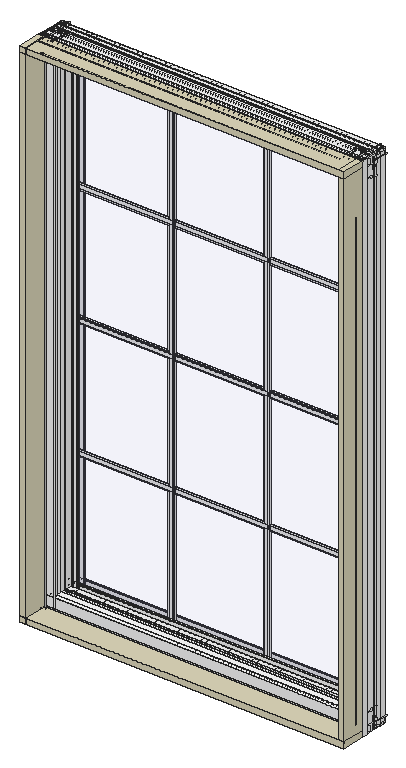
Revit family (continued)
Forms (in)
  Sweep 8, solid, material "Cladding-Pella-White" <- "Exterior Finish"
    profile origin (-17.19331, 2.95266, 61) x (0, -1, 0) y (1, 0, 0)
      loop
        line (0.37273, 0.46381) -> (0.219, 0.46381)
      loop
        line (0.926, 1.42381) -> (0.926, 1.34281) -> (0.8945, 1.34281) -> (0.8945, 0.84281) -> (0.926, 0.84281) -> (0.926, 0.78881)
        arc (0.926, 0.78881) -> (0.91282, 0.75699) -> (0.881, 0.74381) r 0.045
        line (0.881, 0.74381) -> (0.174, 0.74381)
        arc (0.174, 0.74381) -> (0.149, 0.71881) -> (0.174, 0.69381) r 0.025
        line (0.174, 0.69381) -> (0.38773, 0.69381)
        arc (0.38773, 0.69381) -> (0.40894, 0.68502) -> (0.41773, 0.66381) r 0.03
        line (0.41773, 0.66381) -> (0.41773, 0.55881)
        arc (0.41773, 0.55881) -> (0.40455, 0.52699) -> (0.37273, 0.51381) r 0.045
        line (0.37273, 0.51381) -> (0.32773, 0.51381) -> (0.32773, 0.59381) -> (0.18651, 0.54241) -> (0.124, 0.45314) -> (0.124, -0.25019)
        arc (0.124, -0.25019) -> (0.149, -0.27519) -> (0.174, -0.25019) r 0.025
        line (0.174, -0.25019) -> (0.174, -0.02019)
        arc (0.174, -0.02019) -> (0.17986, -0.00605) -> (0.194, -0.00019) r 0.02
        line (0.194, -0.00019) -> (0.886, -0.00019)
        arc (0.886, -0.00019) -> (0.90014, -0.00605) -> (0.906, -0.02019) r 0.02
        arc (0.906, -0.02019) -> (0.931, -0.04519) -> (0.956, -0.02019) r 0.025
        arc (0.956, -0.02019) -> (0.96186, -0.00605) -> (0.976, -0.00019) r 0.02
        line (0.976, -0.00019) -> (1.156, -0.00019)
        arc (1.156, -0.00019) -> (1.17014, -0.00605) -> (1.176, -0.02019) r 0.02
        arc (1.176, -0.02019) -> (1.201, -0.04519) -> (1.226, -0.02019) r 0.025
        line (1.226, -0.02019) -> (1.226, 1.38381)
        arc (1.226, 1.38381) -> (1.20843, 1.42623) -> (1.166, 1.44381) r 0.06
        line (1.166, 1.44381) -> (0.946, 1.44381)
        arc (0.946, 1.44381) -> (0.93186, 1.43795) -> (0.926, 1.42381) r 0.02
  Sweep 9, solid, material "Cladding-Pella-White" <- "Exterior Finish"
    path origin (0, 2.95266, 0) x (1, 0, 0) y (0, 0, 1)
      loop
        line (17.19331, 32.8065) -> (-17.19331, 32.8065)
    profile origin (0, 2.95266, 32.8065) x (0, 0, -1) y (0, -1, 0)
      loop
        arc (0.27719, 0.07976) -> (0.27134, 0.06562) -> (0.25719, 0.05976) r 0.02
        line (0.25719, 0.05976) -> (-0.56281, 0.05976)
        arc (-0.56281, 0.05976) -> (-0.58402, 0.06855) -> (-0.59281, 0.08976) r 0.03
        line (-0.59281, 0.08976) -> (-0.59281, 0.28849) -> (-0.54081, 0.28849)
        arc (-0.54081, 0.28849) -> (-0.54959, 0.3097) -> (-0.57081, 0.31849) r 0.03
        line (-0.57081, 0.31849) -> (-0.60281, 0.31849)
        arc (-0.60281, 0.31849) -> (-0.63109, 0.30677) -> (-0.64281, 0.27849) r 0.04
        line (-0.64281, 0.27849) -> (-0.64281, 0.0914)
        arc (-0.64281, 0.0914) -> (-0.65215, 0.06965) -> (-0.67437, 0.06144) r 0.03
        line (-0.67437, 0.06144) -> (-1.41128, 0.0805) -> (-1.41256, 0.12926)
        arc (-1.41256, 0.12926) -> (-1.42831, 0.14501) -> (-1.44406, 0.12926) r 0.01575
        line (-1.44406, 0.12926) -> (-1.44277, 0.07976)
        arc (-1.44277, 0.07976) -> (-1.43399, 0.05933) -> (-1.41355, 0.05055) r 0.03
        line (-1.41355, 0.05055) -> (-0.61004, 0.02976) -> (0.26219, 0.02976)
        arc (0.26219, 0.02976) -> (0.29401, 0.04294) -> (0.30719, 0.07476) r 0.045
        line (0.30719, 0.07476) -> (0.30719, 0.17976) -> (0.20219, 0.17976)
        arc (0.20219, 0.17976) -> (0.18644, 0.16401) -> (0.20219, 0.14826) r 0.01575
        line (0.20219, 0.14826) -> (0.27719, 0.14826) -> (0.27719, 0.07976)
  Sweep 10, solid, material "Cladding-Pella-White" <- "Exterior Finish"
    path origin (0, 2.95266, 0) x (1, 0, 0) y (0, 0, 1)
      loop
        line (17.19331, 89.1935) -> (-17.19331, 89.1935)
    profile origin (0, 2.95266, 89.1935) x (0, 0, -1) y (0, -1, 0)
      loop
        line (-0.27719, 0.07976) -> (-0.27719, 0.14826) -> (-0.20219, 0.14826)
        arc (-0.20219, 0.14826) -> (-0.18644, 0.16401) -> (-0.20219, 0.17976) r 0.01575
        line (-0.20219, 0.17976) -> (-0.30719, 0.17976) -> (-0.30719, 0.07476)
        arc (-0.30719, 0.07476) -> (-0.29401, 0.04294) -> (-0.26219, 0.02976) r 0.045
        line (-0.26219, 0.02976) -> (0.61004, 0.02976) -> (1.41355, 0.05055)
        arc (1.41355, 0.05055) -> (1.43399, 0.05933) -> (1.44277, 0.07976) r 0.03
        line (1.44277, 0.07976) -> (1.44406, 0.12926)
        arc (1.44406, 0.12926) -> (1.42831, 0.14501) -> (1.41256, 0.12926) r 0.01575
        line (1.41256, 0.12926) -> (1.41128, 0.0805) -> (0.67437, 0.06144)
        arc (0.67437, 0.06144) -> (0.65215, 0.06965) -> (0.64281, 0.0914) r 0.03
        line (0.64281, 0.0914) -> (0.64281, 0.27849)
        arc (0.64281, 0.27849) -> (0.63109, 0.30677) -> (0.60281, 0.31849) r 0.04
        line (0.60281, 0.31849) -> (0.57081, 0.31849)
        arc (0.57081, 0.31849) -> (0.54959, 0.3097) -> (0.54081, 0.28849) r 0.03
        line (0.54081, 0.28849) -> (0.59281, 0.28849) -> (0.59281, 0.08976)
        arc (0.59281, 0.08976) -> (0.58402, 0.06855) -> (0.56281, 0.05976) r 0.03
        line (0.56281, 0.05976) -> (-0.25719, 0.05976)
        arc (-0.25719, 0.05976) -> (-0.27134, 0.06562) -> (-0.27719, 0.07976) r 0.02
  Sweep 11, solid, material "Cladding-Pella-White" <- "Exterior Finish"
    path origin (0, 2.95266, 0) x (1, 0, 0) y (0, 0, 1)
      loop
        line (17.19331, 89.1935) -> (17.19331, 32.8065)
    profile origin (17.19331, 2.95266, 61) x (0, -1, 0) y (1, 0, 0)
      loop
        line (0.139, 0.27719) -> (0.2075, 0.27719) -> (0.2075, 0.20219)
        arc (0.2075, 0.20219) -> (0.22325, 0.18644) -> (0.239, 0.20219) r 0.01575
        line (0.239, 0.20219) -> (0.239, 0.30719) -> (0.134, 0.30719)
        arc (0.134, 0.30719) -> (0.10218, 0.29401) -> (0.089, 0.26219) r 0.045
        line (0.089, 0.26219) -> (0.089, -0.61004) -> (0.10979, -1.41355)
        arc (0.10979, -1.41355) -> (0.11857, -1.43399) -> (0.139, -1.44277) r 0.03
        line (0.139, -1.44277) -> (0.1885, -1.44406)
        arc (0.1885, -1.44406) -> (0.20426, -1.42831) -> (0.1885, -1.41256) r 0.01575
        line (0.1885, -1.41256) -> (0.13974, -1.41128) -> (0.12068, -0.67437)
        arc (0.12068, -0.67437) -> (0.12889, -0.65215) -> (0.15064, -0.64281) r 0.03
        line (0.15064, -0.64281) -> (0.33773, -0.64281)
        arc (0.33773, -0.64281) -> (0.36601, -0.63109) -> (0.37773, -0.60281) r 0.04
        line (0.37773, -0.60281) -> (0.37773, -0.57081)
        arc (0.37773, -0.57081) -> (0.36894, -0.54959) -> (0.34773, -0.54081) r 0.03
        line (0.34773, -0.54081) -> (0.34773, -0.59281) -> (0.149, -0.59281)
        arc (0.149, -0.59281) -> (0.12779, -0.58402) -> (0.119, -0.56281) r 0.03
        line (0.119, -0.56281) -> (0.119, 0.25719)
        arc (0.119, 0.25719) -> (0.12486, 0.27134) -> (0.139, 0.27719) r 0.02
  Sweep 12, solid, material "Cladding-Pella-White" <- "Exterior Finish"
    path origin (0, 2.95266, 0) x (1, 0, 0) y (0, 0, 1)
      loop
        line (-17.19331, 32.8065) -> (-17.19331, 89.1935)
    profile origin (-17.19331, 2.95266, 61) x (-1, 0, 0) y (0, -1, 0)
      loop
        arc (0.27719, 0.139) -> (0.27134, 0.12486) -> (0.25719, 0.119) r 0.02
        line (0.25719, 0.119) -> (-0.56281, 0.119)
        arc (-0.56281, 0.119) -> (-0.58402, 0.12779) -> (-0.59281, 0.149) r 0.03
        line (-0.59281, 0.149) -> (-0.59281, 0.34773) -> (-0.54081, 0.34773)
        arc (-0.54081, 0.34773) -> (-0.54959, 0.36894) -> (-0.57081, 0.37773) r 0.03
        line (-0.57081, 0.37773) -> (-0.60281, 0.37773)
        arc (-0.60281, 0.37773) -> (-0.63109, 0.36601) -> (-0.64281, 0.33773) r 0.04
        line (-0.64281, 0.33773) -> (-0.64281, 0.15064)
        arc (-0.64281, 0.15064) -> (-0.65215, 0.12889) -> (-0.67437, 0.12068) r 0.03
        line (-0.67437, 0.12068) -> (-1.41128, 0.13974) -> (-1.41256, 0.1885)
        arc (-1.41256, 0.1885) -> (-1.42831, 0.20426) -> (-1.44406, 0.1885) r 0.01575
        line (-1.44406, 0.1885) -> (-1.44277, 0.139)
        arc (-1.44277, 0.139) -> (-1.43399, 0.11857) -> (-1.41355, 0.10979) r 0.03
        line (-1.41355, 0.10979) -> (-0.61004, 0.089) -> (0.26219, 0.089)
        arc (0.26219, 0.089) -> (0.29401, 0.10218) -> (0.30719, 0.134) r 0.045
        line (0.30719, 0.134) -> (0.30719, 0.239) -> (0.20219, 0.239)
        arc (0.20219, 0.239) -> (0.18644, 0.22325) -> (0.20219, 0.2075) r 0.01575
        line (0.20219, 0.2075) -> (0.27719, 0.2075) -> (0.27719, 0.139)
  Sweep 13, solid, material "Wood-Pella-Interior-Factory Primed" <- "Interior Finish"
    path origin (0, 2.95266, 0) x (1, 0, 0) y (0, 0, 1)
      loop
        line (18.5, 90.5) -> (18.5, 31.5)
    profile origin (18.5, 2.95266, 61) x (0, -1, 0) y (1, 0, 0)
      loop
        line (3.25018, 0) -> (3.25018, -0.625) -> (5.90541, -0.625) -> (5.90541, 0) -> (3.25018, 0)
  Sweep 14, solid, material "Wood-Pella-Interior-Factory Primed" <- "Interior Finish"
    path origin (0, 2.95266, 0) x (1, 0, 0) y (0, 0, 1)
      loop
        line (-18.5, 90.5) -> (-18.5, 31.5)
    profile origin (-18.5, 2.95266, 61) x (0, -1, 0) y (1, 0, 0)
      loop
        line (3.25018, 0) -> (5.90541, 0) -> (5.90541, 0.625) -> (3.25018, 0.625) -> (3.25018, 0)
  Sweep 15, solid, material "Wood-Pella-Interior-Factory Primed" <- "Interior Finish"
    path origin (0, 2.95266, 0) x (1, 0, 0) y (0, 0, 1)
      loop
        line (18.5, 31.5) -> (-18.5, 31.5)
    profile origin (0, 2.95266, 31.5) x (0, 0, -1) y (0, -1, 0)
      loop
        line (0, 3.2499) -> (0, 5.90541) -> (-0.625, 5.90541) -> (-0.625, 3.2499) -> (0, 3.2499)
  Sweep 16, solid, material "Wood-Pella-Interior-Factory Primed" <- "Interior Finish"
    path origin (0, 2.95266, 0) x (1, 0, 0) y (0, 0, 1)
      loop
        line (18.5, 90.5) -> (-18.5, 90.5)
    profile origin (0, 2.95266, 90.5) x (0, 0, -1) y (0, -1, 0)
      loop
        line (0, 3.2499) -> (0.625, 3.2499) -> (0.625, 5.90541) -> (0, 5.90541) -> (0, 3.2499)
  Extrusion 17, solid, material "Glazing-Pella-Argon Filled, Low-E Insulating Glass" <- "Glazing Type"
    sketch origin (0, 2.74831, 0) x (0, 0, -1) y (1, 0, 0)
      loop
        line (-88.32519, 16.325) -> (-88.32519, -16.325) -> (-33.67481, -16.325) -> (-33.67481, 16.325) -> (-88.32519, 16.325)
    from 0 to 0.11811
  Extrusion 18, solid, material "Glazing-Pella-Argon Filled, Low-E Insulating Glass" <- "Glazing Type"
    sketch origin (0, 2.05815, 0) x (0, 0, -1) y (1, 0, 0)
      loop
        line (-33.67481, -16.325) -> (-33.67481, 16.325) -> (-88.32519, 16.325) -> (-88.32519, -16.325) -> (-33.67481, -16.325)
    from 0 to -0.11811
  Sweep 19, solid, material "Cladding-Pella-White" <- "Grille Finish", visible <- "Vertical Mullion 1"
    path origin (0, 2.95266, 0) x (1, 0, 0) y (0, 0, 1)
      loop
        line (0, 88.32519) -> (0, 33.67481)
    profile origin (0, 2.95266, 61) x (0, -1, 0) y (1, 0, 0)
      loop
        line (0.61832, -0.375) -> (0.63514, -0.21555) -> (0.66754, -0.19685) -> (0.66754, 0.19685) -> (0.63514, 0.21555) -> (0.61832, 0.375) -> (0.48053, 0.375) -> (0.46371, 0.21555) -> (0.43131, 0.19685) -> (0.43131, -0.19685) -> (0.46371, -0.21555) -> (0.48053, -0.375) -> (0.61832, -0.375)
  Sweep 20, solid, material "Cladding-Pella-White" <- "Grille Finish", visible <- "Vertical Mullion 2"
    path origin (0, 2.95266, 0) x (1, 0, 0) y (0, 0, 1)
      loop
        line (0, 33.67481) -> (0, 88.32519)
    profile origin (0, 2.95266, 61) x (-1, 0, 0) y (0, -1, 0)
      loop
        line (5.81667, 0.61832) -> (5.65722, 0.63514) -> (5.63852, 0.66754) -> (5.24482, 0.66754) -> (5.22612, 0.63514) -> (5.06667, 0.61832) -> (5.06667, 0.48053) -> (5.22612, 0.46371) -> (5.24482, 0.43131) -> (5.63852, 0.43131) -> (5.65722, 0.46371) -> (5.81667, 0.48053) -> (5.81667, 0.61832)
      loop
        line (-5.06667, 0.61832) -> (-5.22612, 0.63514) -> (-5.24482, 0.66754) -> (-5.63852, 0.66754) -> (-5.65722, 0.63514) -> (-5.81667, 0.61832) -> (-5.81667, 0.48053) -> (-5.65722, 0.46371) -> (-5.63852, 0.43131) -> (-5.24482, 0.43131) -> (-5.22612, 0.46371) -> (-5.06667, 0.48053) -> (-5.06667, 0.61832)
  Sweep 21, solid, material "Cladding-Pella-White" <- "Grille Finish", visible <- "Vertical Mullion 3"
    path origin (0, 2.95266, 0) x (1, 0, 0) y (0, 0, 1)
      loop
        line (0, 88.32519) -> (0, 33.67481)
    profile origin (0, 2.95266, 61) x (0, -1, 0) y (1, 0, 0)
      loop
        line (0.61832, -8.5375) -> (0.63514, -8.37805) -> (0.66754, -8.35935) -> (0.66754, -7.96565) -> (0.63514, -7.94695) -> (0.61832, -7.7875) -> (0.48053, -7.7875) -> (0.46371, -7.94695) -> (0.43131, -7.96565) -> (0.43131, -8.35935) -> (0.46371, -8.37805) -> (0.48053, -8.5375) -> (0.61832, -8.5375)
      loop
        line (0.61832, 7.7875) -> (0.63514, 7.94695) -> (0.66754, 7.96565) -> (0.66754, 8.35935) -> (0.63514, 8.37805) -> (0.61832, 8.5375) -> (0.48053, 8.5375) -> (0.46371, 8.37805) -> (0.43131, 8.35935) -> (0.43131, 7.96565) -> (0.46371, 7.94695) -> (0.48053, 7.7875) -> (0.61832, 7.7875)
      loop
        line (0.61832, -0.375) -> (0.63514, -0.21555) -> (0.66754, -0.19685) -> (0.66754, 0.19685) -> (0.63514, 0.21555) -> (0.61832, 0.375) -> (0.48053, 0.375) -> (0.46371, 0.21555) -> (0.43131, 0.19685) -> (0.43131, -0.19685) -> (0.46371, -0.21555) -> (0.48053, -0.375) -> (0.61832, -0.375)
  Sweep 22, solid, material "Cladding-Pella-White" <- "Grille Finish", visible <- "Vertical Mullion 4"
    path origin (0, 2.95266, 0) x (1, 0, 0) y (0, 0, 1)
      loop
        line (0, 33.67481) -> (0, 88.32519)
    profile origin (0, 2.95266, 61) x (-1, 0, 0) y (0, -1, 0)
      loop
        line (10.17, 0.61832) -> (10.01055, 0.63514) -> (9.99185, 0.66754) -> (9.59815, 0.66754) -> (9.57945, 0.63514) -> (9.42, 0.61832) -> (9.42, 0.48053) -> (9.57945, 0.46371) -> (9.59815, 0.43131) -> (9.99185, 0.43131) -> (10.01055, 0.46371) -> (10.17, 0.48053) -> (10.17, 0.61832)
      loop
        line (3.64, 0.61832) -> (3.48055, 0.63514) -> (3.46185, 0.66754) -> (3.06815, 0.66754) -> (3.04945, 0.63514) -> (2.89, 0.61832) -> (2.89, 0.48053) -> (3.04945, 0.46371) -> (3.06815, 0.43131) -> (3.46185, 0.43131) -> (3.48055, 0.46371) -> (3.64, 0.48053) -> (3.64, 0.61832)
      loop
        line (-2.89, 0.61832) -> (-3.04945, 0.63514) -> (-3.06815, 0.66754) -> (-3.46185, 0.66754) -> (-3.48055, 0.63514) -> (-3.64, 0.61832) -> (-3.64, 0.48053) -> (-3.48055, 0.46371) -> (-3.46185, 0.43131) -> (-3.06815, 0.43131) -> (-3.04945, 0.46371) -> (-2.89, 0.48053) -> (-2.89, 0.61832)
      loop
        line (-9.42, 0.61832) -> (-9.57945, 0.63514) -> (-9.59815, 0.66754) -> (-9.99185, 0.66754) -> (-10.01055, 0.63514) -> (-10.17, 0.61832) -> (-10.17, 0.48053) -> (-10.01055, 0.46371) -> (-9.99185, 0.43131) -> (-9.59815, 0.43131) -> (-9.57945, 0.46371) -> (-9.42, 0.48053) -> (-9.42, 0.61832)
  Sweep 23, solid, material "Cladding-Pella-White" <- "Grille Finish", visible <- "Horizontal Mullion 1"
    path origin (0, 2.95266, 0) x (1, 0, 0) y (0, 0, 1)
      loop
        line (16.325, 61) -> (-16.325, 61)
    profile origin (0, 2.95266, 61) x (0, 0, -1) y (0, -1, 0)
      loop
        line (0.375, 0.48053) -> (0.375, 0.61832) -> (0.21555, 0.63514) -> (0.19685, 0.66754) -> (-0.19685, 0.66754) -> (-0.21555, 0.63514) -> (-0.375, 0.61832) -> (-0.375, 0.48053) -> (-0.21555, 0.46371) -> (-0.19685, 0.43131) -> (0.19685, 0.43131) -> (0.21555, 0.46371) -> (0.375, 0.48053)
  Sweep 24, solid, material "Cladding-Pella-White" <- "Grille Finish", visible <- "Horizontal Mullion 2"
    path origin (0, 2.95266, 0) x (1, 0, 0) y (0, 0, 1)
      loop
        line (16.325, 61) -> (-16.325, 61)
    profile origin (0, 2.95266, 61) x (0, 0, -1) y (0, -1, 0)
      loop
        line (-8.7334, 0.48053) -> (-8.7334, 0.61832) -> (-8.89285, 0.63514) -> (-8.91155, 0.66754) -> (-9.30525, 0.66754) -> (-9.32395, 0.63514) -> (-9.4834, 0.61832) -> (-9.4834, 0.48053) -> (-9.32395, 0.46371) -> (-9.30525, 0.43131) -> (-8.91155, 0.43131) -> (-8.89285, 0.46371) -> (-8.7334, 0.48053)
      loop
        line (9.4834, 0.48053) -> (9.4834, 0.61832) -> (9.32395, 0.63514) -> (9.30525, 0.66754) -> (8.91155, 0.66754) -> (8.89285, 0.63514) -> (8.7334, 0.61832) -> (8.7334, 0.48053) -> (8.89285, 0.46371) -> (8.91155, 0.43131) -> (9.30525, 0.43131) -> (9.32395, 0.46371) -> (9.4834, 0.48053)
  Sweep 25, solid, material "Cladding-Pella-White" <- "Grille Finish", visible <- "Horizontal Mullion 3"
    path origin (0, 2.95266, 0) x (1, 0, 0) y (0, 0, 1)
      loop
        line (16.325, 61) -> (-16.325, 61)
    profile origin (0, 2.95266, 61) x (0, 0, -1) y (0, -1, 0)
      loop
        line (0.375, 0.48053) -> (0.375, 0.61832) -> (0.21555, 0.63514) -> (0.19685, 0.66754) -> (-0.19685, 0.66754) -> (-0.21555, 0.63514) -> (-0.375, 0.61832) -> (-0.375, 0.48053) -> (-0.21555, 0.46371) -> (-0.19685, 0.43131) -> (0.19685, 0.43131) -> (0.21555, 0.46371) -> (0.375, 0.48053)
      loop
        line (-13.2876, 0.48053) -> (-13.2876, 0.61832) -> (-13.44705, 0.63514) -> (-13.46575, 0.66754) -> (-13.85945, 0.66754) -> (-13.87815, 0.63514) -> (-14.0376, 0.61832) -> (-14.0376, 0.48053) -> (-13.87815, 0.46371) -> (-13.85945, 0.43131) -> (-13.46575, 0.43131) -> (-13.44705, 0.46371) -> (-13.2876, 0.48053)
      loop
        line (14.0376, 0.48053) -> (14.0376, 0.61832) -> (13.87815, 0.63514) -> (13.85945, 0.66754) -> (13.46575, 0.66754) -> (13.44705, 0.63514) -> (13.2876, 0.61832) -> (13.2876, 0.48053) -> (13.44705, 0.46371) -> (13.46575, 0.43131) -> (13.85945, 0.43131) -> (13.87815, 0.46371) -> (14.0376, 0.48053)
  Sweep 26, solid, material "Cladding-Pella-White" <- "Grille Finish", visible <- "Horizontal Mullion 4"
    path origin (0, 2.95266, 0) x (1, 0, 0) y (0, 0, 1)
      loop
        line (-16.325, 61) -> (16.325, 61)
    profile origin (0, 2.95266, 61) x (0, 0, 1) y (0, -1, 0)
      loop
        line (16.02012, 0.48053) -> (16.17956, 0.46371) -> (16.19827, 0.43131) -> (16.59197, 0.43131) -> (16.61067, 0.46371) -> (16.77012, 0.48053) -> (16.77012, 0.61832) -> (16.61067, 0.63514) -> (16.59197, 0.66754) -> (16.19827, 0.66754) -> (16.17956, 0.63514) -> (16.02012, 0.61832) -> (16.02012, 0.48053)
      loop
        line (5.09004, 0.48053) -> (5.24949, 0.46371) -> (5.26819, 0.43131) -> (5.66189, 0.43131) -> (5.68059, 0.46371) -> (5.84004, 0.48053) -> (5.84004, 0.61832) -> (5.68059, 0.63514) -> (5.66189, 0.66754) -> (5.26819, 0.66754) -> (5.24949, 0.63514) -> (5.09004, 0.61832) -> (5.09004, 0.48053)
      loop
        line (-5.84004, 0.48053) -> (-5.68059, 0.46371) -> (-5.66189, 0.43131) -> (-5.26819, 0.43131) -> (-5.24949, 0.46371) -> (-5.09004, 0.48053) -> (-5.09004, 0.61832) -> (-5.24949, 0.63514) -> (-5.26819, 0.66754) -> (-5.66189, 0.66754) -> (-5.68059, 0.63514) -> (-5.84004, 0.61832) -> (-5.84004, 0.48053)
      loop
        line (-16.77012, 0.48053) -> (-16.61067, 0.46371) -> (-16.59197, 0.43131) -> (-16.19827, 0.43131) -> (-16.17956, 0.46371) -> (-16.02012, 0.48053) -> (-16.02012, 0.61832) -> (-16.17956, 0.63514) -> (-16.19827, 0.66754) -> (-16.59197, 0.66754) -> (-16.61067, 0.63514) -> (-16.77012, 0.61832) -> (-16.77012, 0.48053)
  Sweep 27, solid, material "Cladding-Pella-White" <- "Grille Finish", visible <- "Prairie Grille"
    path origin (0, 2.95266, 0) x (1, 0, 0) y (0, 0, 1)
      loop
        line (0, 33.67481) -> (0, 88.32519)
    profile origin (0, 2.95266, 61) x (-1, 0, 0) y (0, -1, 0)
      loop
        line (13.20571, 0.61832) -> (13.04626, 0.63514) -> (13.02756, 0.66754) -> (12.63386, 0.66754) -> (12.61516, 0.63514) -> (12.45571, 0.61832) -> (12.45571, 0.48053) -> (12.61516, 0.46371) -> (12.63386, 0.43131) -> (13.02756, 0.43131) -> (13.04626, 0.46371) -> (13.20571, 0.48053) -> (13.20571, 0.61832)
      loop
        line (-12.45571, 0.61832) -> (-12.61516, 0.63514) -> (-12.63386, 0.66754) -> (-13.02756, 0.66754) -> (-13.04626, 0.63514) -> (-13.20571, 0.61832) -> (-13.20571, 0.48053) -> (-13.04626, 0.46371) -> (-13.02756, 0.43131) -> (-12.63386, 0.43131) -> (-12.61516, 0.46371) -> (-12.45571, 0.48053) -> (-12.45571, 0.61832)
  Sweep 28, solid, material "Cladding-Pella-White" <- "Grille Finish", visible <- "Prairie Grille"
    path origin (0, 2.95266, 0) x (1, 0, 0) y (0, 0, 1)
      loop
        line (16.325, 61) -> (-16.325, 61)
    profile origin (0, 2.95266, 61) x (0, 0, -1) y (0, -1, 0)
      loop
        line (-24.23154, 0.48053) -> (-24.07209, 0.46371) -> (-24.05339, 0.43131) -> (-23.65969, 0.43131) -> (-23.64099, 0.46371) -> (-23.48154, 0.48053) -> (-23.48154, 0.61832) -> (-23.64099, 0.63514) -> (-23.65969, 0.66754) -> (-24.05339, 0.66754) -> (-24.07209, 0.63514) -> (-24.23154, 0.61832) -> (-24.23154, 0.48053)
  Sweep 29, solid, material "Cladding-Pella-White" <- "Grille Finish", visible <- "Prairie Grille"
    path origin (0, 2.95266, 0) x (1, 0, 0) y (0, 0, 1)
      loop
        line (16.325, 61) -> (-16.325, 61)
    profile origin (0, 2.95266, 61) x (0, 0, -1) y (0, -1, 0)
      loop
        line (24.23154, 0.48053) -> (24.23154, 0.61832) -> (24.07209, 0.63514) -> (24.05339, 0.66754) -> (23.65969, 0.66754) -> (23.64099, 0.63514) -> (23.48154, 0.61832) -> (23.48154, 0.48053) -> (23.64099, 0.46371) -> (23.65969, 0.43131) -> (24.05339, 0.43131) -> (24.07209, 0.46371) -> (24.23154, 0.48053)
  Sweep 30, solid, material "Cladding-Pella-White" <- "Grille Finish", visible <- "Vertical Mullion 5"
    path origin (0, 2.95266, 0) x (1, 0, 0) y (0, 0, 1)
      loop
        line (0, 33.67481) -> (0, 88.32519)
    profile origin (0, 2.95266, 61) x (-1, 0, 0) y (0, -1, 0)
      loop
        line (11.25833, 0.61832) -> (11.09888, 0.63514) -> (11.08018, 0.66754) -> (10.68648, 0.66754) -> (10.66778, 0.63514) -> (10.50833, 0.61832) -> (10.50833, 0.48053) -> (10.66778, 0.46371) -> (10.68648, 0.43131) -> (11.08018, 0.43131) -> (11.09888, 0.46371) -> (11.25833, 0.48053) -> (11.25833, 0.61832)
      loop
        line (5.81667, 0.61832) -> (5.65722, 0.63514) -> (5.63852, 0.66754) -> (5.24482, 0.66754) -> (5.22612, 0.63514) -> (5.06667, 0.61832) -> (5.06667, 0.48053) -> (5.22612, 0.46371) -> (5.24482, 0.43131) -> (5.63852, 0.43131) -> (5.65722, 0.46371) -> (5.81667, 0.48053) -> (5.81667, 0.61832)
      loop
        line (0.375, 0.61832) -> (0.21555, 0.63514) -> (0.19685, 0.66754) -> (-0.19685, 0.66754) -> (-0.21555, 0.63514) -> (-0.375, 0.61832) -> (-0.375, 0.48053) -> (-0.21555, 0.46371) -> (-0.19685, 0.43131) -> (0.19685, 0.43131) -> (0.21555, 0.46371) -> (0.375, 0.48053) -> (0.375, 0.61832)
      loop
        line (-5.06667, 0.61832) -> (-5.22612, 0.63514) -> (-5.24482, 0.66754) -> (-5.63852, 0.66754) -> (-5.65722, 0.63514) -> (-5.81667, 0.61832) -> (-5.81667, 0.48053) -> (-5.65722, 0.46371) -> (-5.63852, 0.43131) -> (-5.24482, 0.43131) -> (-5.22612, 0.46371) -> (-5.06667, 0.48053) -> (-5.06667, 0.61832)
      loop
        line (-10.50833, 0.61832) -> (-10.66778, 0.63514) -> (-10.68648, 0.66754) -> (-11.08018, 0.66754) -> (-11.09888, 0.63514) -> (-11.25833, 0.61832) -> (-11.25833, 0.48053) -> (-11.09888, 0.46371) -> (-11.08018, 0.43131) -> (-10.68648, 0.43131) -> (-10.66778, 0.46371) -> (-10.50833, 0.48053) -> (-10.50833, 0.61832)
Lines and regions (in)
  Opening 1
    outline origin (137.79528, -2.95276, 0) x (1, 0, 0) y (0, 0, 1)
      loop
        line (-119.29528, 31.5) -> (-119.29528, 90.5) -> (-156.29528, 90.5) -> (-156.29528, 31.5) -> (-119.29528, 31.5)
Text (in)
  text "EXTERIOR" at (-77.29147, 52.45485, 0), in view "Ref. Level"
  text "INTERIOR" at (-78.01048, -32.21994, 0), in view "Ref. Level"
  text "Exterior" at (0, 36.36817, 115.8778), in view "Right"
  text "Exterior" at (0, 40.96394, 105.72475), in view "Left"
Dimensions and locks (in)
  equal spacing: plane 3 "Left", plane 2 "Center (Left/Right)", plane 4 "Right"
  "Width": plane 3 "Left" to plane 4 "Right"
  "Height": plane 5 "Sill" to plane 6 "Head"
  "Default Sill Height": plane 5 "Sill" to level
  locked: plane 7 "Exterior" to host wall at 0
  locked: plane 8 "Interior" to host wall
  "Set Back": plane 10 "Set Back" to plane 9 "Exterior Facade"
  equal spacing: plane 11 "Left Sash", plane 2 "Center (Left/Right)", plane 12 "Right Sash"
  "Sash Width": plane 11 "Left Sash" to plane 12 "Right Sash"
  locked: plane 7 "Exterior" to plane 9 "Exterior Facade" at 1.3125
  locked: plane 6 "Head" to plane 13 "Head (Interior)" at 1.3065
  locked: plane 14 "Sill (Interior)" to plane 5 "Sill" at 1.3065
  equal spacing: plane 28, plane 15, plane 29
  locked: plane 16 "Glazing Exterior - Exterior" to plane 17 "Glazing Exterior - Interior" at 0.11811
  locked: plane 19 "Glazing Interior - Interior" to plane 18 "Glazing Interior - Exterior" at 0.11811
  locked: plane 20 to plane 4 "Right" at 0.625
  locked: plane 21 to plane 10 "Set Back" at 3.25018
  locked: plane 3 "Left" to plane 22 at 0.625
  locked: plane 10 "Set Back" to plane 23 at 3.25018
  locked: plane 5 "Sill" to plane 24 at 0.625
  locked: plane 10 "Set Back" to plane 25 at 3.2499
  locked: plane 10 "Set Back" to plane 26 at 3.2499
  locked: plane 27 to plane 6 "Head" at 0.625
  plane 10 "Set Back" to plane 16 "Glazing Exterior - Exterior" to plane 18 "Glazing Interior - Exterior" = 0' - 0.20435", 0' - 0.69016" locked
  locked: plane 6 "Head" to plane 28 at 2.17481
  locked: plane 29 to plane 5 "Sill" at 2.17481
  locked: plane 3 "Left" to plane 30 at 2.175
  locked: plane 31 to plane 4 "Right" at 2.175
  plane 33 to plane 2 "Center (Left/Right)" to plane 32 = 0' - 0 3/8" locked, 0' - 0 3/8" locked
  equal spacing: plane 30, plane 34, plane 35, plane 31
  plane 37 to plane 34 to plane 36 = 0' - 0 3/8" locked, 0' - 0 3/8" locked
  plane 39 to plane 35 to plane 38 = 0' - 0 3/8" locked, 0' - 0 3/8" locked
  equal spacing: plane 30, plane 40, plane 41, plane 42, plane 31
  plane 44 to plane 40 to plane 43 = 0' - 0 3/8" locked, 0' - 0 3/8" locked
  plane 46 to plane 42 to plane 45 = 0' - 0 3/8" locked, 0' - 0 3/8" locked
  plane 48 to plane 41 to plane 47 = 0' - 0 3/8" locked, 0' - 0 3/8" locked
  equal spacing: plane 30, plane 49, plane 50, plane 51, plane 52, plane 31
  plane 56 to plane 50 to plane 55 = 0' - 0 3/8" locked, 0' - 0 3/8" locked
  plane 58 to plane 51 to plane 57 = 0' - 0 3/8" locked, 0' - 0 3/8" locked
  plane 60 to plane 52 to plane 59 = 0' - 0 3/8" locked, 0' - 0 3/8" locked
  plane 54 to plane 49 to plane 53 = 0' - 0 3/8" locked, 0' - 0 3/8" locked
  equal spacing: plane 30, plane 61, plane 62, plane 63, plane 64, plane 65, plane 31
  plane 67 to plane 15 to plane 66 = 0' - 0 3/8" locked, 0' - 0 3/8" locked
  equal spacing: plane 28, plane 69, plane 68, plane 29
  plane 71 to plane 69 to plane 70 = 0' - 0 3/8" locked, 0' - 0 3/8" locked
  plane 73 to plane 68 to plane 72 = 0' - 0 3/8" locked, 0' - 0 3/8" locked
  equal spacing: plane 28, plane 76, plane 75, plane 74, plane 29
  plane 80 to plane 76 to plane 79 = 0' - 0 3/8" locked, 0' - 0 3/8" locked
  plane 78 to plane 75 to plane 77 = 0' - 0 3/8" locked, 0' - 0 3/8" locked
  plane 82 to plane 74 to plane 81 = 0' - 0 3/8" locked, 0' - 0 3/8" locked
  equal spacing: plane 28, plane 86, plane 85, plane 84, plane 83, plane 29
  plane 94 to plane 83 to plane 93 = 0' - 0 3/8" locked, 0' - 0 3/8" locked
  plane 92 to plane 84 to plane 91 = 0' - 0 3/8" locked, 0' - 0 3/8" locked
  plane 90 to plane 85 to plane 89 = 0' - 0 3/8" locked, 0' - 0 3/8" locked
  plane 88 to plane 86 to plane 87 = 0' - 0 3/8" locked, 0' - 0 3/8" locked
  plane 3 "Left" to plane 96 to plane 95 = 0' - 5.29429" locked, 0' - 0 3/4" locked
  plane 98 to plane 97 to plane 4 "Right" = 0' - 0 3/4" locked, 0' - 5.29429" locked
  plane 13 "Head (Interior)" to plane 100 to plane 99 = 0' - 3.96196" locked, 0' - 0 3/4" locked
  plane 14 "Sill (Interior)" to plane 102 to plane 101 = 0' - 3.96196" locked, 0' - 0 3/4" locked
  plane 105 to plane 106 to plane 10 "Set Back" = 0' - 0.23622" locked, 0' - 0.43131" locked
  plane 107 to plane 108 to plane 10 "Set Back" = 0' - 0.23622" locked, 0' - 0.43131" locked
  plane 109 to plane 110 to plane 10 "Set Back" = 0' - 0.23622" locked, 0' - 0.43131" locked
  plane 111 to plane 112 to plane 10 "Set Back" = 0' - 0.23622" locked, 0' - 0.43131" locked
  plane 113 to plane 11 "Left Sash" to plane 114 to plane 115 to plane 116 to plane 117 to plane 118 to plane 119 to plane 120 to plane 121 to plane 122 = 0' - 0.00019" locked, 0' - 0.06981" locked, 0' - 0.394" locked, 0' - 0.05" locked, 0' - 0.18" locked, 0' - 0.05" locked, 0' - 0.099" locked, 0' - 0 1/2" locked, 0' - 0.031" locked, 0' - 0.07" locked
  plane 131 to plane 130 to plane 129 to plane 128 to plane 127 to plane 126 to plane 125 to plane 124 to plane 123 to plane 10 "Set Back" = 0' - 0.05" locked, 0' - 0.2" locked, 0' - 0.0815" locked, 0' - 0.42677" locked, 0' - 0.05" locked, 0' - 0.09" locked, 0' - 0.15373" locked, 0' - 0.05" locked, 0' - 0.124" locked
  plane 103 to plane 104 to plane 10 "Set Back" = 0' - 0.23622" locked, 0' - 0.43131" locked
  plane 141 to plane 61 to plane 140 = 0' - 0 3/8" locked, 0' - 0 3/8" locked
  plane 138 to plane 62 to plane 139 = 0' - 0 3/8" locked, 0' - 0 3/8" locked
  plane 137 to plane 63 to plane 136 = 0' - 0 3/8" locked, 0' - 0 3/8" locked
  plane 134 to plane 64 to plane 135 = 0' - 0 3/8" locked, 0' - 0 3/8" locked
  plane 132 to plane 65 to plane 133 = 0' - 0 3/8" locked, 0' - 0 3/8" locked
  plane 143 to plane 142 to plane 10 "Set Back" = 0' - 0.23622" locked, 0' - 0.43131" locked
  aligned and locked: plane 3 "Left" to Sweep 1 sketch curve
  aligned and locked: plane 4 "Right" to Sweep 2 sketch curve
  aligned and locked: plane 6 "Head" to Sweep 3 sketch curve
  aligned and locked: plane 5 "Sill" to Sweep 4 sketch curve
  aligned and locked: plane 14 "Sill (Interior)" to Sweep 5 sketch curve
  aligned and locked: plane 13 "Head (Interior)" to Sweep 6 sketch curve
  aligned and locked: Sweep 7 sketch curve to plane 12 "Right Sash"
  aligned and locked: Sweep 8 sketch curve to plane 11 "Left Sash"
  aligned and locked: plane 14 "Sill (Interior)" to Sweep 9 sketch curve
  aligned and locked: plane 13 "Head (Interior)" to Sweep 10 sketch curve
  aligned and locked: Sweep 11 sketch curve to plane 12 "Right Sash"
  aligned and locked: plane 11 "Left Sash" to Sweep 12 sketch curve
  aligned and locked: Sweep 13 sketch curve to plane 4 "Right"
  aligned and locked: plane 20 to Sweep 13 sketch curve
  aligned and locked: plane 8 "Interior" to Sweep 13 sketch curve
  aligned and locked: plane 21 to Sweep 13 sketch curve
  aligned and locked: Sweep 14 sketch curve to plane 3 "Left"
  aligned and locked: plane 22 to Sweep 14 sketch curve
  aligned and locked: plane 23 to Sweep 14 sketch curve
  aligned and locked: Sweep 14 sketch curve to plane 8 "Interior"
  aligned and locked: plane 5 "Sill" to Sweep 15 sketch curve
  aligned and locked: plane 25 to Sweep 15 sketch curve
  aligned and locked: plane 8 "Interior" to Sweep 15 sketch curve
  aligned and locked: Sweep 15 sketch curve to plane 24
  aligned and locked: plane 6 "Head" to Sweep 16 sketch curve
  aligned and locked: Sweep 16 sketch curve to plane 27
  aligned and locked: plane 26 to Sweep 16 sketch curve
  aligned and locked: Sweep 16 sketch curve to plane 8 "Interior"
  aligned and locked: plane 17 "Glazing Exterior - Interior" to Extrusion 17
  aligned and locked: Extrusion 18 to plane 19 "Glazing Interior - Interior"
  aligned and locked: plane 2 "Center (Left/Right)" to Sweep 19 sketch curve
  aligned and locked: plane 33 to Sweep 19 sketch curve
  aligned and locked: plane 32 to Sweep 19 sketch curve
  aligned and locked: plane 12 "Right Sash" to Sweep 5 sketch curve
  aligned and locked: plane 11 "Left Sash" to Sweep 5 sketch curve
  aligned and locked: plane 12 "Right Sash" to Sweep 6 sketch curve
  aligned and locked: plane 11 "Left Sash" to Sweep 6 sketch curve
  aligned and locked: Sweep 20 sketch curve to plane 2 "Center (Left/Right)"
  aligned and locked: plane 37 to Sweep 20 sketch curve
  aligned and locked: plane 36 to Sweep 20 sketch curve
  aligned and locked: plane 39 to Sweep 20 sketch curve
  aligned and locked: plane 38 to Sweep 20 sketch curve
  aligned and locked: Sweep 21 sketch curve to plane 41
  aligned and locked: plane 44 to Sweep 21 sketch curve
  aligned and locked: plane 43 to Sweep 21 sketch curve
  aligned and locked: plane 46 to Sweep 21 sketch curve
  aligned and locked: plane 45 to Sweep 21 sketch curve
  aligned and locked: plane 48 to Sweep 21 sketch curve
  aligned and locked: plane 47 to Sweep 21 sketch curve
  aligned and locked: Sweep 22 sketch curve to plane 2 "Center (Left/Right)"
  aligned and locked: plane 54 to Sweep 22 sketch curve
  aligned and locked: plane 53 to Sweep 22 sketch curve
  aligned and locked: plane 56 to Sweep 22 sketch curve
  aligned and locked: plane 55 to Sweep 22 sketch curve
  aligned and locked: plane 58 to Sweep 22 sketch curve
  aligned and locked: plane 57 to Sweep 22 sketch curve
  aligned and locked: plane 60 to Sweep 22 sketch curve
  aligned and locked: plane 59 to Sweep 22 sketch curve
  aligned and locked: Sweep 23 sketch curve to plane 15
  aligned and locked: plane 67 to Sweep 23 sketch curve
  aligned and locked: plane 66 to Sweep 23 sketch curve
  aligned and locked: Sweep 24 sketch curve to plane 15
  aligned and locked: plane 71 to Sweep 24 sketch curve
  aligned and locked: plane 70 to Sweep 24 sketch curve
  aligned and locked: plane 73 to Sweep 24 sketch curve
  aligned and locked: plane 72 to Sweep 24 sketch curve
  aligned and locked: Sweep 25 sketch curve to plane 15
  aligned and locked: plane 78 to Sweep 25 sketch curve
  aligned and locked: plane 77 to Sweep 25 sketch curve
  aligned and locked: plane 80 to Sweep 25 sketch curve
  aligned and locked: plane 79 to Sweep 25 sketch curve
  aligned and locked: plane 82 to Sweep 25 sketch curve
  aligned and locked: plane 81 to Sweep 25 sketch curve
  aligned and locked: Sweep 26 sketch curve to plane 15
  aligned and locked: plane 88 to Sweep 26 sketch curve
  aligned and locked: plane 87 to Sweep 26 sketch curve
  aligned and locked: plane 90 to Sweep 26 sketch curve
  aligned and locked: plane 89 to Sweep 26 sketch curve
  aligned and locked: plane 92 to Sweep 26 sketch curve
  aligned and locked: plane 91 to Sweep 26 sketch curve
  aligned and locked: plane 94 to Sweep 26 sketch curve
  aligned and locked: plane 93 to Sweep 26 sketch curve
  aligned and locked: Sweep 27 sketch curve to plane 2 "Center (Left/Right)"
  aligned and locked: plane 96 to Sweep 27 sketch curve
  aligned and locked: plane 95 to Sweep 27 sketch curve
  aligned and locked: plane 98 to Sweep 27 sketch curve
  aligned and locked: plane 97 to Sweep 27 sketch curve
  aligned and locked: Sweep 28 sketch curve to plane 15
  aligned and locked: Sweep 28 sketch curve to plane 100
  aligned and locked: Sweep 28 sketch curve to plane 99
  aligned and locked: plane 102 to Sweep 29 sketch curve
  aligned and locked: plane 101 to Sweep 29 sketch curve
  aligned and locked: Sweep 27 sketch curve to plane 104
  aligned and locked: Sweep 27 sketch curve to plane 103
  aligned and locked: plane 105 to Sweep 22 sketch curve
  aligned and locked: plane 106 to Sweep 22 sketch curve
  aligned and locked: Sweep 22 sketch curve to plane 106  (x3)
  aligned and locked: Sweep 22 sketch curve to plane 105  (x3)
  aligned and locked: Sweep 21 sketch curve to plane 108  (x2)
  aligned and locked: Sweep 21 sketch curve to plane 107  (x2)
  aligned and locked: plane 112 to Sweep 20 sketch curve
  aligned and locked: plane 111 to Sweep 20 sketch curve
  aligned and locked: Sweep 20 sketch curve to plane 112
  aligned and locked: Sweep 20 sketch curve to plane 111
  aligned and locked: plane 122 to Sweep 8 sketch curve
  aligned and locked: plane 121 to Sweep 8 sketch curve
  aligned and locked: plane 120 to Sweep 8 sketch curve
  aligned and locked: plane 119 to Sweep 8 sketch curve
  aligned and locked: plane 118 to Sweep 8 sketch curve
  aligned and locked: plane 117 to Sweep 8 sketch curve
  aligned and locked: Sweep 8 sketch curve to plane 117
  aligned and locked: plane 116 to Sweep 8 sketch curve
  aligned and locked: plane 115 to Sweep 8 sketch curve
  aligned and locked: plane 114 to Sweep 8 sketch curve
  aligned and locked: plane 113 to Sweep 8 sketch curve
  aligned and locked: Sweep 8 sketch curve to plane 113
  aligned and locked: plane 131 to Sweep 8 sketch curve
  aligned and locked: plane 130 to Sweep 8 sketch curve
  aligned and locked: plane 129 to Sweep 8 sketch curve
  aligned and locked: plane 128 to Sweep 8 sketch curve
  aligned and locked: plane 123 to Sweep 8 sketch curve
  aligned and locked: plane 124 to Sweep 8 sketch curve
  aligned and locked: Sweep 8 sketch curve to plane 124
  aligned and locked: plane 125 to Sweep 8 sketch curve
  aligned and locked: plane 126 to Sweep 8 sketch curve
  aligned and locked: plane 127 to Sweep 8 sketch curve
  aligned and locked: plane 30 to Extrusion 18 sketch curve
  aligned and locked: Extrusion 18 sketch curve to plane 28
  aligned and locked: Extrusion 18 sketch curve to plane 31
  aligned and locked: plane 29 to Extrusion 18 sketch curve
  aligned and locked: plane 30 to Extrusion 17 sketch curve
  aligned and locked: Extrusion 17 sketch curve to plane 31
  aligned and locked: Extrusion 17 sketch curve to plane 28
  aligned and locked: plane 29 to Extrusion 17 sketch curve
  aligned and locked: plane 2 "Center (Left/Right)" to Sweep 30 sketch curve
  aligned and locked: plane 142 to Sweep 30 sketch curve
  aligned and locked: plane 143 to Sweep 30 sketch curve
  aligned and locked: Sweep 30 sketch curve to plane 142  (x4)
  aligned and locked: Sweep 30 sketch curve to plane 143  (x4)
  aligned and locked: plane 133 to Sweep 30 sketch curve
  aligned and locked: plane 132 to Sweep 30 sketch curve
  aligned and locked: plane 135 to Sweep 30 sketch curve
  aligned and locked: plane 134 to Sweep 30 sketch curve
  aligned and locked: plane 136 to Sweep 30 sketch curve
  aligned and locked: plane 137 to Sweep 30 sketch curve
  aligned and locked: plane 139 to Sweep 30 sketch curve
  aligned and locked: plane 138 to Sweep 30 sketch curve
  aligned and locked: plane 140 to Sweep 30 sketch curve
  aligned and locked: plane 141 to Sweep 30 sketch curve
  aligned and locked: Sweep 27 to plane 28
  aligned and locked: Sweep 30 to plane 28
  aligned and locked: Sweep 22 to plane 28
  aligned and locked: Sweep 20 to plane 28
  aligned and locked: plane 28 to Sweep 21
  aligned and locked: plane 28 to Sweep 19
  aligned and locked: plane 30 to Sweep 29
  aligned and locked: Sweep 26 to plane 30
  aligned and locked: plane 30 to Sweep 25
  aligned and locked: plane 30 to Sweep 24
  aligned and locked: plane 30 to Sweep 23
  aligned and locked: plane 30 to Sweep 28
  aligned and locked: plane 4 "Right" to Sweep 16
  aligned and locked: plane 4 "Right" to Sweep 3
  aligned and locked: plane 12 "Right Sash" to Sweep 6
  aligned and locked: plane 12 "Right Sash" to Sweep 10
  aligned and locked: plane 4 "Right" to Sweep 15
  aligned and locked: plane 4 "Right" to Sweep 4
  aligned and locked: plane 12 "Right Sash" to Sweep 5
  aligned and locked: plane 12 "Right Sash" to Sweep 9
  aligned and locked: plane 6 "Head" to Sweep 14
  aligned and locked: Sweep 1 to plane 6 "Head"
  aligned and locked: Sweep 12 to plane 13 "Head (Interior)"
  aligned and locked: plane 13 "Head (Interior)" to Sweep 8
  aligned and locked: plane 6 "Head" to Sweep 13
  aligned and locked: Sweep 2 to plane 6 "Head"
  aligned and locked: plane 13 "Head (Interior)" to Sweep 7
  aligned and locked: plane 13 "Head (Interior)" to Sweep 11
  aligned and locked: plane 14 "Sill (Interior)" to Sweep 8 sketch curve
Automatic sketch dimensions
  Opening 1 sketch curve to plane 3 "Left" = 0' - 0"
  Opening 1 sketch curve to plane 4 "Right" = 0' - 0"
  Opening 1 sketch curve to plane 5 "Sill" = 0' - 0"
  Opening 1 sketch curve to plane 6 "Head" = 0' - 0"
  Sweep 1 sketch curve to plane 5 "Sill" = 0' - 0"
  Sweep 1 sketch curve to plane 6 "Head" = 0' - 0"
  Sweep 2 sketch curve to plane 5 "Sill" = 0' - 0"
  Sweep 2 sketch curve to plane 6 "Head" = 0' - 0"
  Sweep 3 sketch curve to plane 3 "Left" = 0' - 0"
  Sweep 3 sketch curve to plane 4 "Right" = 0' - 0"
  Sweep 4 sketch curve to plane 3 "Left" = 0' - 0"
  Sweep 4 sketch curve to plane 4 "Right" = 0' - 0"
  Sweep 7 sketch curve to plane 14 "Sill (Interior)" = 0' - 0"
  Sweep 7 sketch curve to plane 13 "Head (Interior)" = 0' - 0"
  Sweep 8 sketch curve to plane 13 "Head (Interior)" = 0' - 0"
  Sweep 9 sketch curve to plane 11 "Left Sash" = 0' - 0"
  Sweep 9 sketch curve to plane 12 "Right Sash" = 0' - 0"
  Sweep 10 sketch curve to plane 11 "Left Sash" = 0' - 0"
  Sweep 10 sketch curve to plane 12 "Right Sash" = 0' - 0"
  Sweep 11 sketch curve to plane 14 "Sill (Interior)" = 0' - 0"
  Sweep 11 sketch curve to plane 13 "Head (Interior)" = 0' - 0"
  Sweep 12 sketch curve to plane 14 "Sill (Interior)" = 0' - 0"
  Sweep 12 sketch curve to plane 13 "Head (Interior)" = 0' - 0"
  Sweep 13 sketch curve to plane 5 "Sill" = 0' - 0"
  Sweep 13 sketch curve to plane 6 "Head" = 0' - 0"
  Sweep 13 sketch curve to profile plane = 0' - 0"
  Sweep 14 sketch curve to plane 5 "Sill" = 0' - 0"
  Sweep 14 sketch curve to plane 6 "Head" = 0' - 0"
  Sweep 14 sketch curve to profile plane = 0' - 0"
  Sweep 15 sketch curve to plane 3 "Left" = 0' - 0"
  Sweep 15 sketch curve to plane 4 "Right" = 0' - 0"
  Sweep 15 sketch curve to profile plane = 0' - 0"
  Sweep 16 sketch curve to plane 3 "Left" = 0' - 0"
  Sweep 16 sketch curve to plane 4 "Right" = 0' - 0"
  Sweep 16 sketch curve to profile plane = 0' - 0"
  Sweep 19 sketch curve to plane 29 = 0' - 0"
  Sweep 19 sketch curve to plane 28 = 0' - 0"
  plane 10 "Set Back" to Sweep 19 sketch curve = 0' - 0.43131"
  plane 10 "Set Back" to Sweep 19 sketch curve = 0' - 0.46371"  (x2)
  plane 10 "Set Back" to Sweep 19 sketch curve = 0' - 0.48053"  (x2)
  Sweep 19 sketch curve to Sweep 19 sketch curve = 0' - 0.1378"  (x2)
  Sweep 19 sketch curve to Sweep 19 sketch curve = 0' - 0.01682"  (x2)
  Sweep 19 sketch curve to Sweep 19 sketch curve = 0' - 0.03239"
  plane 33 to Sweep 19 sketch curve = 0' - 0.15945"  (x2)
  Sweep 19 sketch curve to Sweep 19 sketch curve = 0' - 0.0187"  (x4)
  Sweep 19 sketch curve to plane 32 = 0' - 0.17815"  (x2)
  Sweep 20 sketch curve to plane 29 = 0' - 0"
  Sweep 20 sketch curve to plane 28 = 0' - 0"
  Sweep 21 sketch curve to plane 29 = 0' - 0"
  Sweep 21 sketch curve to plane 28 = 0' - 0"
  plane 10 "Set Back" to Sweep 21 sketch curve = 0' - 0.43131"
  plane 10 "Set Back" to Sweep 21 sketch curve = 0' - 0.46371"  (x6)
  plane 10 "Set Back" to Sweep 21 sketch curve = 0' - 0.48053"  (x4)
  Sweep 21 sketch curve to Sweep 21 sketch curve = 0' - 0.1378"  (x6)
  Sweep 21 sketch curve to Sweep 21 sketch curve = 0' - 0.01682"  (x6)
  Sweep 21 sketch curve to Sweep 21 sketch curve = 0' - 0.03239"  (x3)
  plane 44 to Sweep 21 sketch curve = 0' - 0.15945"  (x2)
  Sweep 21 sketch curve to Sweep 21 sketch curve = 0' - 0.0187"  (x12)
  Sweep 21 sketch curve to plane 43 = 0' - 0.17815"  (x2)
  plane 48 to Sweep 21 sketch curve = 0' - 0.15945"  (x2)
  Sweep 21 sketch curve to plane 47 = 0' - 0.17815"  (x2)
  plane 46 to Sweep 21 sketch curve = 0' - 0.15945"  (x2)
  Sweep 21 sketch curve to plane 45 = 0' - 0.17815"  (x2)
  Sweep 22 sketch curve to plane 29 = 0' - 0"
  Sweep 22 sketch curve to plane 28 = 0' - 0"
  Sweep 23 sketch curve to plane 30 = 0' - 0"
  Sweep 23 sketch curve to plane 31 = 0' - 0"
  Sweep 23 sketch curve to plane 67 = 0' - 0.15945"  (x2)
  plane 10 "Set Back" to Sweep 23 sketch curve = 0' - 0.46371"  (x2)
  Sweep 23 sketch curve to Sweep 23 sketch curve = 0' - 0.0187"  (x4)
  plane 10 "Set Back" to Sweep 23 sketch curve = 0' - 0.43131"
  plane 66 to Sweep 23 sketch curve = 0' - 0.17815"  (x2)
  plane 10 "Set Back" to Sweep 23 sketch curve = 0' - 0.48053"  (x2)
  Sweep 23 sketch curve to Sweep 23 sketch curve = 0' - 0.1378"  (x2)
  Sweep 23 sketch curve to Sweep 23 sketch curve = 0' - 0.01682"  (x2)
  Sweep 23 sketch curve to Sweep 23 sketch curve = 0' - 0.03239"
  Sweep 24 sketch curve to plane 30 = 0' - 0"
  Sweep 24 sketch curve to plane 31 = 0' - 0"
  Sweep 24 sketch curve to plane 71 = 0' - 0.15945"  (x2)
  plane 10 "Set Back" to Sweep 24 sketch curve = 0' - 0.46371"  (x4)
  Sweep 24 sketch curve to Sweep 24 sketch curve = 0' - 0.0187"  (x8)
  plane 10 "Set Back" to Sweep 24 sketch curve = 0' - 0.43131"  (x2)
  plane 70 to Sweep 24 sketch curve = 0' - 0.17815"  (x2)
  Sweep 24 sketch curve to plane 73 = 0' - 0.15945"  (x2)
  plane 72 to Sweep 24 sketch curve = 0' - 0.17815"  (x2)
  plane 10 "Set Back" to Sweep 24 sketch curve = 0' - 0.48053"  (x4)
  Sweep 24 sketch curve to Sweep 24 sketch curve = 0' - 0.1378"  (x4)
  Sweep 24 sketch curve to Sweep 24 sketch curve = 0' - 0.01682"  (x4)
  Sweep 24 sketch curve to Sweep 24 sketch curve = 0' - 0.03239"  (x2)
  Sweep 25 sketch curve to plane 30 = 0' - 0"
  Sweep 25 sketch curve to plane 31 = 0' - 0"
  plane 10 "Set Back" to Sweep 25 sketch curve = 0' - 0.46371"  (x6)
  Sweep 25 sketch curve to plane 80 = 0' - 0.15945"  (x2)
  Sweep 25 sketch curve to Sweep 25 sketch curve = 0' - 0.0187"  (x12)
  plane 10 "Set Back" to Sweep 25 sketch curve = 0' - 0.43131"  (x3)
  plane 79 to Sweep 25 sketch curve = 0' - 0.17815"  (x2)
  Sweep 25 sketch curve to plane 78 = 0' - 0.15945"  (x2)
  plane 77 to Sweep 25 sketch curve = 0' - 0.17815"  (x2)
  Sweep 25 sketch curve to plane 82 = 0' - 0.15945"  (x2)
  plane 81 to Sweep 25 sketch curve = 0' - 0.17815"  (x2)
  plane 10 "Set Back" to Sweep 25 sketch curve = 0' - 0.48053"  (x6)
  Sweep 25 sketch curve to Sweep 25 sketch curve = 0' - 0.1378"  (x6)
  Sweep 25 sketch curve to Sweep 25 sketch curve = 0' - 0.01682"  (x6)
  Sweep 25 sketch curve to Sweep 25 sketch curve = 0' - 0.03239"  (x3)
  Sweep 26 sketch curve to plane 30 = 0' - 0"
  Sweep 26 sketch curve to plane 31 = 0' - 0"
  plane 10 "Set Back" to Sweep 26 sketch curve = 0' - 0.46371"  (x8)
  plane 93 to Sweep 26 sketch curve = 0' - 0.15945"  (x2)
  plane 10 "Set Back" to Sweep 26 sketch curve = 0' - 0.43131"  (x4)
  Sweep 26 sketch curve to Sweep 26 sketch curve = 0' - 0.0187"  (x16)
  Sweep 26 sketch curve to plane 94 = 0' - 0.17815"  (x2)
  plane 91 to Sweep 26 sketch curve = 0' - 0.15945"  (x2)
  Sweep 26 sketch curve to plane 92 = 0' - 0.17815"  (x2)
  plane 89 to Sweep 26 sketch curve = 0' - 0.15945"  (x2)
  Sweep 26 sketch curve to plane 90 = 0' - 0.17815"  (x2)
  plane 87 to Sweep 26 sketch curve = 0' - 0.15945"  (x2)
  Sweep 26 sketch curve to plane 88 = 0' - 0.17815"  (x2)
  plane 10 "Set Back" to Sweep 26 sketch curve = 0' - 0.48053"  (x8)
  Sweep 26 sketch curve to Sweep 26 sketch curve = 0' - 0.1378"  (x8)
  Sweep 26 sketch curve to Sweep 26 sketch curve = 0' - 0.01682"  (x8)
  Sweep 26 sketch curve to Sweep 26 sketch curve = 0' - 0.03239"  (x4)
  Sweep 27 sketch curve to plane 29 = 0' - 0"
  Sweep 27 sketch curve to plane 28 = 0' - 0"
  Sweep 28 sketch curve to plane 30 = 0' - 0"
  Sweep 28 sketch curve to plane 31 = 0' - 0"
  Sweep 28 sketch curve to plane 100 = 0' - 0.15945"  (x2)
  plane 10 "Set Back" to Sweep 28 sketch curve = 0' - 0.46371"  (x2)
  plane 10 "Set Back" to Sweep 28 sketch curve = 0' - 0.43131"
  Sweep 28 sketch curve to Sweep 28 sketch curve = 0' - 0.0187"  (x4)
  plane 99 to Sweep 28 sketch curve = 0' - 0.17815"  (x2)
  plane 10 "Set Back" to Sweep 28 sketch curve = 0' - 0.48053"  (x2)
  Sweep 28 sketch curve to Sweep 28 sketch curve = 0' - 0.1378"  (x2)
  Sweep 28 sketch curve to Sweep 28 sketch curve = 0' - 0.01682"  (x2)
  Sweep 28 sketch curve to Sweep 28 sketch curve = 0' - 0.03239"
  Sweep 29 sketch curve to plane 15 = 0' - 0"
  Sweep 29 sketch curve to plane 30 = 0' - 0"
  Sweep 29 sketch curve to plane 31 = 0' - 0"
  plane 101 to Sweep 29 sketch curve = 0' - 0.15945"  (x2)
  plane 10 "Set Back" to Sweep 29 sketch curve = 0' - 0.46371"  (x2)
  Sweep 29 sketch curve to Sweep 29 sketch curve = 0' - 0.0187"  (x4)
  plane 10 "Set Back" to Sweep 29 sketch curve = 0' - 0.43131"
  Sweep 29 sketch curve to plane 102 = 0' - 0.17815"  (x2)
  plane 10 "Set Back" to Sweep 29 sketch curve = 0' - 0.48053"  (x2)
  Sweep 29 sketch curve to Sweep 29 sketch curve = 0' - 0.1378"  (x2)
  Sweep 29 sketch curve to Sweep 29 sketch curve = 0' - 0.01682"  (x2)
  Sweep 29 sketch curve to Sweep 29 sketch curve = 0' - 0.03239"
  plane 10 "Set Back" to Sweep 22 sketch curve = 0' - 0.46371"  (x8)
  Sweep 22 sketch curve to plane 59 = 0' - 0.15945"  (x2)
  Sweep 22 sketch curve to Sweep 22 sketch curve = 0' - 0.0187"  (x16)
  plane 60 to Sweep 22 sketch curve = 0' - 0.17815"  (x2)
  Sweep 22 sketch curve to plane 57 = 0' - 0.15945"  (x2)
  plane 58 to Sweep 22 sketch curve = 0' - 0.17815"  (x2)
  Sweep 22 sketch curve to plane 55 = 0' - 0.15945"  (x2)
  plane 56 to Sweep 22 sketch curve = 0' - 0.17815"  (x2)
  Sweep 22 sketch curve to plane 53 = 0' - 0.15945"  (x2)
  plane 54 to Sweep 22 sketch curve = 0' - 0.17815"  (x2)
  plane 10 "Set Back" to Sweep 22 sketch curve = 0' - 0.48053"  (x4)
  Sweep 22 sketch curve to Sweep 22 sketch curve = 0' - 0.1378"  (x8)
  Sweep 22 sketch curve to Sweep 22 sketch curve = 0' - 0.01682"  (x8)
  Sweep 22 sketch curve to Sweep 22 sketch curve = 0' - 0.03239"  (x4)
  plane 10 "Set Back" to Sweep 20 sketch curve = 0' - 0.46371"  (x4)
  Sweep 20 sketch curve to plane 38 = 0' - 0.15945"  (x2)
  Sweep 20 sketch curve to Sweep 20 sketch curve = 0' - 0.0187"  (x8)
  plane 39 to Sweep 20 sketch curve = 0' - 0.17815"  (x2)
  Sweep 20 sketch curve to plane 36 = 0' - 0.15945"  (x2)
  plane 37 to Sweep 20 sketch curve = 0' - 0.17815"  (x2)
  plane 10 "Set Back" to Sweep 20 sketch curve = 0' - 0.48053"  (x2)
  Sweep 20 sketch curve to Sweep 20 sketch curve = 0' - 0.1378"  (x4)
  Sweep 20 sketch curve to Sweep 20 sketch curve = 0' - 0.01682"  (x4)
  Sweep 20 sketch curve to Sweep 20 sketch curve = 0' - 0.03239"  (x2)
  Sweep 2 sketch curve to Sweep 2 sketch curve = 0' - 0"  (x14)
  Sweep 2 sketch curve to profile plane = 0' - 0"
  Sweep 2 sketch curve to plane 10 "Set Back" = 0' - 0"
  profile plane to Sweep 2 sketch curve = 0' - 0.00006"
  Sweep 2 sketch curve to profile plane = 0' - 0.0343"
  Sweep 2 sketch curve to Sweep 2 sketch curve = 0' - 0.0343"
  Sweep 2 sketch curve to profile plane = 0' - 0.06983"
  Sweep 2 sketch curve to profile plane = 0' - 0.07"  (x3)
  Sweep 2 sketch curve to Sweep 2 sketch curve = 0' - 0.04016"
  Sweep 2 sketch curve to Sweep 2 sketch curve = 0' - 0.04033"
  Sweep 2 sketch curve to Sweep 2 sketch curve = 0' - 0.04499"  (x2)
  Sweep 2 sketch curve to profile plane = 0' - 0.12"  (x2)
  Sweep 2 sketch curve to Sweep 2 sketch curve = 0' - 0.05"  (x8)
  Sweep 2 sketch curve to Sweep 2 sketch curve = 0' - 0.0225"  (x2)
  Sweep 2 sketch curve to Sweep 2 sketch curve = 0' - 0.03498"
  Sweep 2 sketch curve to Sweep 2 sketch curve = 0' - 0.03"  (x20)
  Sweep 2 sketch curve to Sweep 2 sketch curve = 0' - 0.04036"  (x2)
  Sweep 2 sketch curve to Sweep 2 sketch curve = 0' - 0.045"  (x6)
  Sweep 2 sketch curve to Sweep 2 sketch curve = 0' - 0.01948"  (x2)
  Sweep 2 sketch curve to Sweep 2 sketch curve = 0' - 0.12495"
  Sweep 2 sketch curve to Sweep 2 sketch curve = 0' - 0.05005"  (x2)
  Sweep 2 sketch curve to Sweep 2 sketch curve = 0' - 0.00005"
  Sweep 2 sketch curve to Sweep 2 sketch curve = 0' - 0.11495"
  Sweep 2 sketch curve to Sweep 2 sketch curve = 0' - 0.02991"
  Sweep 2 sketch curve to Sweep 2 sketch curve = 0' - 0.02995"
  Sweep 2 sketch curve to Sweep 2 sketch curve = 0' - 0.00002"
  Sweep 2 sketch curve to Sweep 2 sketch curve = 0' - 0.25596"
  Sweep 2 sketch curve to Sweep 2 sketch curve = 0' - 0.13998"
  Sweep 2 sketch curve to plane 10 "Set Back" = 0' - 0.17"
  Sweep 2 sketch curve to Sweep 2 sketch curve = 0' - 0.11904"
  plane 10 "Set Back" to Sweep 2 sketch curve = 0' - 0.08"
  Sweep 2 sketch curve to Sweep 2 sketch curve = 0' - 0.13904"
  Sweep 2 sketch curve to Sweep 2 sketch curve = 0' - 0.06"  (x6)
  Sweep 2 sketch curve to Sweep 2 sketch curve = 0' - 0.02411"
  Sweep 2 sketch curve to Sweep 2 sketch curve = 0' - 0.00574"  (x2)
  Sweep 2 sketch curve to Sweep 2 sketch curve = 0' - 0 5/8"
  Sweep 2 sketch curve to Sweep 2 sketch curve = 0' - 0.09499"
  Sweep 2 sketch curve to Sweep 2 sketch curve = 0' - 0.02"  (x8)
  Sweep 2 sketch curve to Sweep 2 sketch curve = 0' - 0.035"  (x2)
  Sweep 2 sketch curve to Sweep 2 sketch curve = 0' - 0.07"  (x6)
  Sweep 2 sketch curve to Sweep 2 sketch curve = 0' - 0.01"  (x8)
  Sweep 2 sketch curve to Sweep 2 sketch curve = 0' - 0.055"  (x2)
  Sweep 2 sketch curve to Sweep 2 sketch curve = 0' - 0.13"
  Sweep 2 sketch curve to Sweep 2 sketch curve = 0' - 0.025"  (x2)
  Sweep 2 sketch curve to Sweep 2 sketch curve = 0' - 0.03867"
  Sweep 2 sketch curve to Sweep 2 sketch curve = 0' - 0.01342"
  Sweep 2 sketch curve to Sweep 2 sketch curve = 0' - 0.31"
  Sweep 2 sketch curve to Sweep 2 sketch curve = 0' - 0.08"  (x4)
  Sweep 2 sketch curve to Sweep 2 sketch curve = 0' - 0.82337"
  Sweep 2 sketch curve to Sweep 2 sketch curve = 0' - 0.00363"
  Sweep 2 sketch curve to Sweep 2 sketch curve = 0' - 0.07721"
  Sweep 2 sketch curve to Sweep 2 sketch curve = 0' - 0.09"  (x2)
  Sweep 2 sketch curve to Sweep 2 sketch curve = 0' - 0.438"  (x2)
  Sweep 2 sketch curve to Sweep 2 sketch curve = 0' - 0.07879"  (x2)
  plane 10 "Set Back" to Sweep 2 sketch curve = 0' - 0.04767"
  Sweep 2 sketch curve to Sweep 2 sketch curve = 0' - 0.06373"  (x2)
  Sweep 2 sketch curve to Sweep 2 sketch curve = 0' - 0.2536"  (x2)
  Sweep 2 sketch curve to Sweep 2 sketch curve = 0' - 0.32442"
  Sweep 2 sketch curve to Sweep 2 sketch curve = 0' - 0.04474"  (x2)
  Sweep 2 sketch curve to Sweep 2 sketch curve = 0' - 0.01958"
  Sweep 2 sketch curve to Sweep 2 sketch curve = 0' - 0.03396"
  Sweep 2 sketch curve to Sweep 2 sketch curve = 0' - 0.02514"
  Sweep 2 sketch curve to Sweep 2 sketch curve = 0' - 0.10026"
  Sweep 2 sketch curve to Sweep 2 sketch curve = 0' - 0.12"
  Sweep 2 sketch curve to Sweep 2 sketch curve = 0' - 0.123"
  Sweep 2 sketch curve to Sweep 2 sketch curve = 0' - 0.40954"
  Sweep 2 sketch curve to Sweep 2 sketch curve = 0' - 0.00012"
